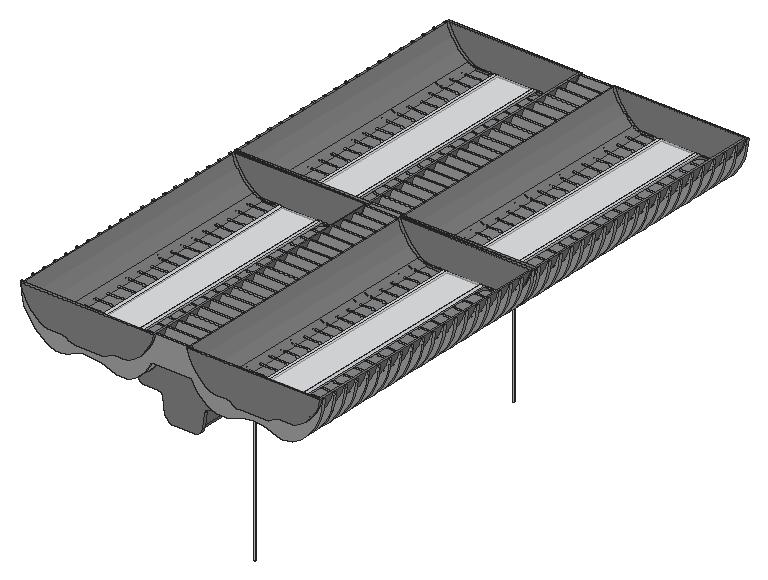
Revit family "0039266 Feilo Sylvania Lighting Fixtures SYLBAY LED 4000K 37KLM WIDE DALI", category Lighting Fixtures, host Face, Revit 2017 (continued)
Definition of nested family "SylbayBody"
  Definition of nested family "SlybayRib"
    Forms (mm)
      Extrusion 2, solid, material <- "BodyMaterial"
        sketch origin (0, 0, 0) x (1, 0, 0) y (0, 0, 1)
          loop
            arc (-117.917, -43.728) -> (-121.079, -43.215) -> (-123.917, -41.728) r 10
            line (-123.917, -41.728) -> (-126.583, -39.728)
            arc (-126.583, -39.728) -> (-129.421, -38.242) -> (-132.583, -37.728) r 10
            line (-132.583, -37.728) -> (-145.75, -37.728)
            arc (-145.75, -37.728) -> (-153.193, -36.71) -> (-160.088, -33.728) r 27.697
            arc (-160.088, -33.728) -> (-176.046, -19.314) -> (-185.5, 0) r 56.788
            line (-185.5, 0) -> (-187.5, 0)
        from 1.25 <- "RibExtrusionStart_FEILO" to -1.25 <- "RibExtrusionEnd_FEILO"
    Dimensions and locks
      equal spacing: plane 5, plane 3 "Center (Left/Right)", plane 4
      locked: plane 5 to plane 4 at 375
      locked: plane 6 to plane 7 at 62.478
      locked: plane 6 to plane 8 at 53.728
      equal spacing: plane 10, plane 3 "Center (Left/Right)", plane 9
      plane 3 "Center (Left/Right)" to plane 9 = 102.75 mm
      locked: plane 6 to plane 11 at 33.728
      equal spacing: plane 13, plane 9, plane 12
      locked: plane 14 to plane 8 at 10
      equal spacing: plane 16, plane 9, plane 15
      locked: plane 9 to plane 15 at 20
      locked: plane 17 to plane 14 at 6
      equal spacing: plane 19, plane 9, plane 18
      locked: plane 15 to plane 18 at 8
      equal spacing: plane 21, plane 9, plane 20
      locked: plane 18 to plane 20 at 15
      locked: plane 13 to plane 22 at 5.3
      locked: plane 3 "Center (Left/Right)" to Extrusion 2 sketch curve at 83.982  (x2)
      locked: plane 3 "Center (Left/Right)" to Extrusion 2 sketch curve at 79.005  (x2)
      locked: plane 3 "Center (Left/Right)" to Extrusion 2 sketch curve at 119.907  (x2)
      locked: plane 3 "Center (Left/Right)" to Extrusion 2 sketch curve at 61.405  (x2)
      locked: plane 3 "Center (Left/Right)" to Extrusion 2 sketch curve at 138.973  (x2)
      locked: plane 3 "Center (Left/Right)" to Extrusion 2 sketch curve at 84.583  (x2)
      locked: plane 3 "Center (Left/Right)" to Extrusion 2 sketch curve at 117.917  (x2)
      locked: plane 3 "Center (Left/Right)" to Extrusion 2 sketch curve at 132.583  (x2)
      locked: plane 3 "Center (Left/Right)" to Extrusion 2 sketch curve at 69.917  (x2)
      locked: Extrusion 2 sketch curve to plane 6 at 21.825  (x2)
      locked: Extrusion 2 sketch curve to plane 6 at 0.822  (x2)
      locked: plane 6 to Extrusion 2 sketch curve at 10.994  (x2)
      locked: plane 6 to Extrusion 2 sketch curve at 15.285  (x2)
      locked: plane 6 to Extrusion 2 sketch curve at 31.076  (x2)
      locked: plane 6 to Extrusion 2 sketch curve at 33.728  (x4)
      locked: plane 6 to Extrusion 2 sketch curve at 29.917  (x2)
      locked: plane 6 to Extrusion 2 sketch curve at 47.728  (x4)
      locked: plane 6 to Extrusion 2 sketch curve at 100.413  (x2)
      locked: plane 6 to Extrusion 2 sketch curve at 141.419  (x2)
      locked: plane 3 "Center (Left/Right)" to Extrusion 2 sketch curve at 106.788  (x2)
      locked: plane 3 "Center (Left/Right)" to Extrusion 2 sketch curve at 104.198  (x2)
      locked: plane 3 "Center (Left/Right)" to Extrusion 2 sketch curve at 130.69  (x2)
      locked: Extrusion 2 sketch curve to plane 6 at 14.858  (x2)
      locked: plane 6 to Extrusion 2 sketch curve at 10.032  (x2)
      locked: plane 3 "Center (Left/Right)" to Extrusion 2 sketch curve at 145.75  (x2)
      aligned and locked: plane 2 to Extrusion 1
      aligned and locked: level to Extrusion 1
      aligned and locked: plane 6 to Extrusion 2 sketch curve
      aligned and locked: plane 4 to Extrusion 2 sketch curve
      aligned and locked: plane 17 to Extrusion 2 sketch curve
      aligned and locked: plane 14 to Extrusion 2 sketch curve
      aligned and locked: Extrusion 2 sketch curve to plane 17
      aligned and locked: plane 8 to Extrusion 2 sketch curve  (x3)
      aligned and locked: plane 2 to plane 6
      aligned and locked: plane 20 to Extrusion 2 sketch curve
      aligned and locked: plane 11 to Extrusion 2 sketch curve  (x2)
      aligned and locked: plane 12 to Extrusion 2 sketch curve
      aligned and locked: Extrusion 2 sketch curve to plane 6
      aligned and locked: Extrusion 2 sketch curve to level
      aligned and locked: Extrusion 2 sketch curve to plane 11
    Automatic sketch dimensions
      Extrusion 1 sketch curve to Extrusion 1 sketch curve = 2438.4 mm  (x2)
      Extrusion 2 sketch curve to plane 11 = 0 mm  (x6)
      Extrusion 2 sketch curve to plane 8 = 0 mm  (x7)
      Extrusion 2 sketch curve to plane 17 = 0 mm
      Extrusion 2 sketch curve to plane 5 = 0 mm
      Extrusion 2 sketch curve to plane 14 = 0 mm
      Extrusion 2 sketch curve to plane 17 = 2 mm  (x3)
      Extrusion 2 sketch curve to plane 15 = 1.167 mm
      plane 14 to Extrusion 2 sketch curve = 2 mm  (x3)
      Extrusion 2 sketch curve to plane 19 = 1.167 mm
Definition of nested family "SlybayRib"
  Parameters (values of type "SylbayRib")
    URL = "http://www.feilosylvania.com"
    Type Image = (empty or 0)
    Type Comments = "n/a"
    RibThickness_FEILO = 2.5 mm
    RibExtrusionStart_FEILO = RibThickness_FEILO / 2  # 1.25 mm
    RibExtrusionEnd_FEILO = -RibThickness_FEILO / 2  # -1.25 mm
    RibDistance_FEILO = 0 mm
    Model = ""
    Manufacturer = "Feilo Sylvania"
    Keynote = ""
    Description = "n/a"
    Default Elevation = 1219.2 mm
    Cost = 0
    BodyMaterial = none
    Assembly Code = ""
  Reference planes
    plane 1 "Center (Front/Back)": y = 0
    plane 2: z = 0
    plane 3 "Center (Left/Right)": x = 0
    plane 4: x = -187.5
    plane 5: x = 187.5
    plane 6: z = 0
    plane 7: z = -62.478
    plane 8: z = -53.728
    plane 9: x = -102.75
    plane 10: x = 102.75
    plane 11: z = -33.728
    plane 12: x = -185.5
    plane 13: x = -20
    plane 14: z = -43.728
    plane 15: x = -122.75
    plane 16: x = -82.75
    plane 17: z = -37.728
    plane 18: x = -130.75
    plane 19: x = -74.75
    plane 20: x = -145.75
    plane 21: x = -59.75
    plane 22: x = -25.3
  Forms (mm)
    Extrusion 1, solid
      sketch origin (4.2, 0, 0) x (1, 0, 0) y (0, 1, 0)
        loop
          line (-1219.2, 1219.2) -> (-1219.2, -1219.2) -> (1219.2, -1219.2) -> (1219.2, 1219.2) -> (-1219.2, 1219.2)
      from 0 to -304.8
    Extrusion 2, solid, material <- "BodyMaterial"
      sketch origin (0, 0, 0) x (1, 0, 0) y (0, 0, 1)
        loop
          arc (-187.5, 0) -> (-180.003, -30.129) -> (-159.829, -53.728) r 67.598
          arc (-159.829, -53.728) -> (-143.258, -61.567) -> (-125.169, -58.599) r 30.791
          arc (-125.169, -58.599) -> (-113.533, -54.576) -> (-101.25, -53.728) r 46.777
          arc (-101.25, -53.728) -> (-87.202, -55.765) -> (-73.664, -60.037) r 87.865
          arc (-73.664, -60.037) -> (-55.541, -61.903) -> (-39.258, -53.728) r 32.519
          arc (-39.258, -53.728) -> (-31.199, -44.469) -> (-25.254, -33.728) r 58.361
          line (-25.254, -33.728) -> (25.254, -33.728)
          arc (25.254, -33.728) -> (31.199, -44.469) -> (39.258, -53.728) r 58.361
          arc (39.258, -53.728) -> (55.541, -61.903) -> (73.664, -60.037) r 32.519
          arc (73.664, -60.037) -> (87.202, -55.765) -> (101.25, -53.728) r 87.865
          arc (101.25, -53.728) -> (113.533, -54.576) -> (125.169, -58.599) r 46.777
          arc (125.169, -58.599) -> (143.258, -61.567) -> (159.829, -53.728) r 30.791
          arc (159.829, -53.728) -> (180.003, -30.129) -> (187.5, 0) r 67.598
          line (187.5, 0) -> (185.5, 0)
          arc (185.5, 0) -> (176.046, -19.314) -> (160.088, -33.728) r 56.788
          arc (160.088, -33.728) -> (153.193, -36.71) -> (145.75, -37.728) r 27.697
          line (145.75, -37.728) -> (132.583, -37.728)
          arc (132.583, -37.728) -> (129.421, -38.242) -> (126.583, -39.728) r 10
          line (126.583, -39.728) -> (123.917, -41.728)
          arc (123.917, -41.728) -> (121.079, -43.215) -> (117.917, -43.728) r 10
          line (117.917, -43.728) -> (84.583, -43.728)
          arc (84.583, -43.728) -> (81.421, -43.215) -> (78.583, -41.728) r 10
          line (78.583, -41.728) -> (75.917, -39.728)
          arc (75.917, -39.728) -> (73.079, -38.242) -> (69.917, -37.728) r 10
          line (69.917, -37.728) -> (58.25, -37.728)
          arc (58.25, -37.728) -> (51.55, -36.705) -> (45.461, -33.728) r 22.443
          arc (45.461, -33.728) -> (30.027, -18.905) -> (20, 0) r 67.602
          line (20, 0) -> (-20, 0)
          arc (-20, 0) -> (-30.027, -18.905) -> (-45.461, -33.728) r 67.602
          arc (-45.461, -33.728) -> (-51.55, -36.705) -> (-58.25, -37.728) r 22.443
          line (-58.25, -37.728) -> (-69.917, -37.728)
          arc (-69.917, -37.728) -> (-73.079, -38.242) -> (-75.917, -39.728) r 10
          line (-75.917, -39.728) -> (-78.583, -41.728)
          arc (-78.583, -41.728) -> (-81.421, -43.215) -> (-84.583, -43.728) r 10
          line (-84.583, -43.728) -> (-117.917, -43.728)
          arc (-117.917, -43.728) -> (-121.079, -43.215) -> (-123.917, -41.728) r 10
          line (-123.917, -41.728) -> (-126.583, -39.728)
          arc (-126.583, -39.728) -> (-129.421, -38.242) -> (-132.583, -37.728) r 10
          line (-132.583, -37.728) -> (-145.75, -37.728)
          arc (-145.75, -37.728) -> (-153.193, -36.71) -> (-160.088, -33.728) r 27.697
          arc (-160.088, -33.728) -> (-176.046, -19.314) -> (-185.5, 0) r 56.788
          line (-185.5, 0) -> (-187.5, 0)
      from 1.25 <- "RibExtrusionStart_FEILO" to -1.25 <- "RibExtrusionEnd_FEILO"
  Dimensions and locks
    equal spacing: plane 5, plane 3 "Center (Left/Right)", plane 4
    locked: plane 5 to plane 4 at 375
    locked: plane 6 to plane 7 at 62.478
    locked: plane 6 to plane 8 at 53.728
    equal spacing: plane 10, plane 3 "Center (Left/Right)", plane 9
    plane 3 "Center (Left/Right)" to plane 9 = 102.75 mm
    locked: plane 6 to plane 11 at 33.728
    equal spacing: plane 13, plane 9, plane 12
    locked: plane 14 to plane 8 at 10
    equal spacing: plane 16, plane 9, plane 15
    locked: plane 9 to plane 15 at 20
    locked: plane 17 to plane 14 at 6
    equal spacing: plane 19, plane 9, plane 18
    locked: plane 15 to plane 18 at 8
    equal spacing: plane 21, plane 9, plane 20
    locked: plane 18 to plane 20 at 15
    locked: plane 13 to plane 22 at 5.3
    locked: plane 3 "Center (Left/Right)" to Extrusion 2 sketch curve at 83.982  (x2)
    locked: plane 3 "Center (Left/Right)" to Extrusion 2 sketch curve at 79.005  (x2)
    locked: plane 3 "Center (Left/Right)" to Extrusion 2 sketch curve at 119.907  (x2)
    locked: plane 3 "Center (Left/Right)" to Extrusion 2 sketch curve at 61.405  (x2)
    locked: plane 3 "Center (Left/Right)" to Extrusion 2 sketch curve at 138.973  (x2)
    locked: plane 3 "Center (Left/Right)" to Extrusion 2 sketch curve at 84.583  (x2)
    locked: plane 3 "Center (Left/Right)" to Extrusion 2 sketch curve at 117.917  (x2)
    locked: plane 3 "Center (Left/Right)" to Extrusion 2 sketch curve at 132.583  (x2)
    locked: plane 3 "Center (Left/Right)" to Extrusion 2 sketch curve at 69.917  (x2)
    locked: Extrusion 2 sketch curve to plane 6 at 21.825  (x2)
    locked: Extrusion 2 sketch curve to plane 6 at 0.822  (x2)
    locked: plane 6 to Extrusion 2 sketch curve at 10.994  (x2)
    locked: plane 6 to Extrusion 2 sketch curve at 15.285  (x2)
    locked: plane 6 to Extrusion 2 sketch curve at 31.076  (x2)
    locked: plane 6 to Extrusion 2 sketch curve at 33.728  (x4)
    locked: plane 6 to Extrusion 2 sketch curve at 29.917  (x2)
    locked: plane 6 to Extrusion 2 sketch curve at 47.728  (x4)
    locked: plane 6 to Extrusion 2 sketch curve at 100.413  (x2)
    locked: plane 6 to Extrusion 2 sketch curve at 141.419  (x2)
    locked: plane 3 "Center (Left/Right)" to Extrusion 2 sketch curve at 106.788  (x2)
    locked: plane 3 "Center (Left/Right)" to Extrusion 2 sketch curve at 104.198  (x2)
    locked: plane 3 "Center (Left/Right)" to Extrusion 2 sketch curve at 130.69  (x2)
    locked: Extrusion 2 sketch curve to plane 6 at 14.858  (x2)
    locked: plane 6 to Extrusion 2 sketch curve at 10.032  (x2)
    locked: plane 3 "Center (Left/Right)" to Extrusion 2 sketch curve at 145.75  (x2)
    aligned and locked: plane 2 to Extrusion 1
    aligned and locked: level to Extrusion 1
    aligned and locked: plane 6 to Extrusion 2 sketch curve
    aligned and locked: plane 4 to Extrusion 2 sketch curve
    aligned and locked: plane 17 to Extrusion 2 sketch curve
    aligned and locked: plane 14 to Extrusion 2 sketch curve
    aligned and locked: Extrusion 2 sketch curve to plane 17
    aligned and locked: plane 8 to Extrusion 2 sketch curve  (x3)
    aligned and locked: plane 2 to plane 6
    aligned and locked: plane 20 to Extrusion 2 sketch curve
    aligned and locked: plane 11 to Extrusion 2 sketch curve  (x2)
    aligned and locked: plane 12 to Extrusion 2 sketch curve
    aligned and locked: Extrusion 2 sketch curve to plane 6
    aligned and locked: Extrusion 2 sketch curve to level
    aligned and locked: Extrusion 2 sketch curve to plane 11
  Automatic sketch dimensions
    Extrusion 1 sketch curve to Extrusion 1 sketch curve = 2438.4 mm  (x2)
    Extrusion 2 sketch curve to plane 11 = 0 mm  (x6)
    Extrusion 2 sketch curve to plane 8 = 0 mm  (x7)
    Extrusion 2 sketch curve to plane 17 = 0 mm
    Extrusion 2 sketch curve to plane 5 = 0 mm
    Extrusion 2 sketch curve to plane 14 = 0 mm
    Extrusion 2 sketch curve to plane 17 = 2 mm  (x3)
    Extrusion 2 sketch curve to plane 15 = 1.167 mm
    plane 14 to Extrusion 2 sketch curve = 2 mm  (x3)
    Extrusion 2 sketch curve to plane 19 = 1.167 mm
